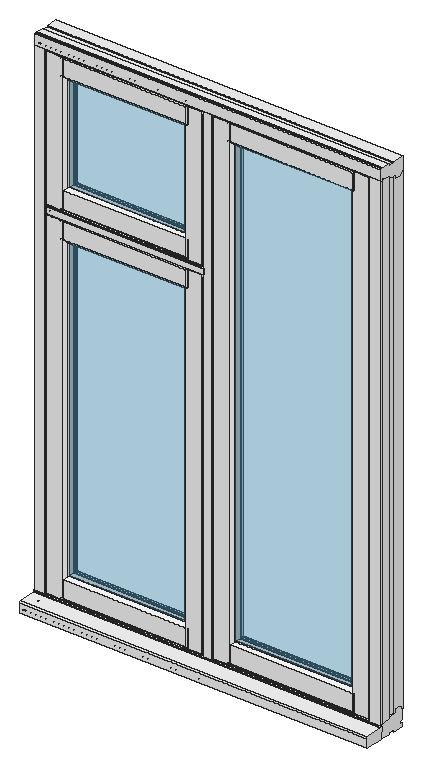
Revit family "C21L", category Generic Models, Revit 2012
Parameters (values of type "Window Sill drawing")
  Width = 1200 mm
  Height = 1770 mm
  GlazingPanelMaterial = Glass
  Floor Material = White
Types (3, lengths in mm): name | Width | Height | GlazingPanelMaterial | Floor Material
  Window Sill drawing | 1200 | 1770 | Glass | White
  Access Manager | 1250 | 1250 | none | none
  window family | 1200 | 1770 | Glass | 1.12A ANCHOR FIXING
Reference planes
  plane 1 "Center (Front/Back)": y = 0
  plane 2: z = 0
  plane 3 "Center (Left/Right)": x = 0
  plane 4: z = 33
  plane 5: x = -714
  plane 6: x = -750
  plane 7: x = -718
  plane 8: x = 450
  plane 9: y = 67
  plane 10: y = -67
  plane 11: z = 1770
  plane 12: z = 1734
  plane 13: z = 1722
  plane 14: z = 578
  plane 15: z = 622
  plane 16: z = 117
  plane 17: x = -150
  plane 18: z = 530.5
  plane 19: z = 540.5
  plane 20: x = 414
  plane 21: x = 402
  plane 22: z = 60
  plane 23: y = 16.985
  plane 24: z = 1730
  plane 25: z = 1255.81
Forms (mm)
  Extrusion 1, solid, not visible
    sketch origin (0, 0, 9.375) x (0, 1, 0) y (0, 0, 1)
      loop
        line (94.662, 311.911) -> (94.314, 312.868) -> (95.314, 312.868) -> (93.454, 317.977) -> (86.115, 317.977) -> (85.011, 317.575) -> (64.143, 317.575) -> (64.143, 311.911) -> (94.662, 311.911)
    from 0 to 250
  Extrusion 2, solid, not visible
    sketch origin (0, 0, 9.375) x (0, 1, 0) y (0, 0, 1)
      loop
        line (93.688, 317.334) -> (85.92, 317.334) -> (87.101, 312.926) -> (95.293, 312.926) -> (93.688, 317.334)
      loop
        line (91.853, 322.376) -> (91.853, 328.194)
        arc (91.853, 328.194) -> (91.424, 329.231) -> (90.388, 329.66) r 1.465
        line (90.388, 329.66) -> (71.853, 329.66) -> (71.853, 322.376) -> (91.853, 322.376)
      loop
        line (73.373, 320.598) -> (64.143, 320.598) -> (64.143, 317.575) -> (73.373, 317.575) -> (73.373, 320.598)
      loop
        line (61.169, 311.884) -> (61.169, 316.884) -> (56.169, 316.884)
        arc (56.169, 316.884) -> (53.926, 317.813) -> (52.996, 320.057) r 3.173
        line (52.996, 320.057) -> (52.996, 327.594)
        arc (52.996, 327.594) -> (53.247, 329.284) -> (54.656, 330.25) r 2.138
        line (54.656, 330.25) -> (56.493, 330.25)
        arc (56.493, 330.25) -> (57.939, 329.727) -> (58.925, 328.548) r 2.95
        line (58.925, 328.548) -> (59.306, 324.922) -> (61.24, 324.922) -> (60.612, 330.901)
        arc (60.612, 330.901) -> (59.723, 332.646) -> (57.894, 333.348) r 2.733
        line (57.894, 333.348) -> (52.423, 333.348)
        arc (52.423, 333.348) -> (50.164, 330.795) -> (49.999, 327.391) r 5.139
        line (49.999, 327.391) -> (47.957, 316.884)
        arc (47.957, 316.884) -> (49.179, 314.507) -> (49.698, 311.884) r 9.583
        line (49.698, 311.884) -> (61.169, 311.884)
    from 0 to 250
  Extrusion 3, solid, not visible
    sketch origin (-848.022, -244.537, 0) x (1, 0, 0) y (0, 1, 0)
      loop
        line (-156.504, 643.402) -> (-146.504, 653.402) -> (-146.504, 655.402) -> (-162.504, 655.402) -> (-162.504, 703.402) -> (-199.504, 703.402)
        arc (-199.504, 703.402) -> (-201.625, 702.524) -> (-202.504, 700.402) r 3
        line (-202.504, 700.402) -> (-202.504, 695.402) -> (-196.504, 695.402) -> (-196.504, 692.402) -> (-202.504, 692.402) -> (-202.504, 679.402) -> (-196.504, 679.402) -> (-196.504, 667.402) -> (-202.504, 667.402) -> (-202.504, 646.402)
        arc (-202.504, 646.402) -> (-201.625, 644.281) -> (-199.504, 643.402) r 3
        line (-199.504, 643.402) -> (-156.504, 643.402)
    from 672 to 1294
  Extrusion 4, solid, not visible
    sketch origin (-848.022, -244.537, 0) x (1, 0, 0) y (0, 1, 0)
      loop
        line (-162.504, 700.402) -> (-162.504, 681.402) -> (-150.504, 681.402) -> (-150.504, 684.402) -> (-146.504, 685.402) -> (-146.504, 689.402) -> (-149.504, 689.402)
        arc (-149.504, 689.402) -> (-151.847, 695.059) -> (-157.504, 697.402) r 8
        line (-157.504, 697.402) -> (-157.504, 700.402) -> (-162.504, 700.402)
    from 672 to 1294
  Extrusion 5, solid, not visible
    sketch origin (-511.418, -643.152, -230) x (1, 0, 0) y (0, 1, 0)
      loop
        line (-200.504, 641.902) -> (-200.504, 638.902) -> (-198.254, 638.902) -> (-198.254, 634.902) -> (-195.818, 634.902) -> (-195.818, 638.902) -> (-193.504, 638.902) -> (-193.504, 641.902) -> (-195.282, 641.902) -> (-195.282, 641.116) -> (-194.482, 641.116) -> (-194.482, 639.814) -> (-199.81, 639.814) -> (-199.81, 641.116) -> (-199.01, 641.116) -> (-199.01, 641.902) -> (-200.504, 641.902)
    from 230 to 852
  Extrusion 6, solid, not visible
    sketch origin (-511.418, -643.152, -140) x (1, 0, 0) y (0, 1, 0)
      loop
        line (-194.482, 639.814) -> (-194.482, 641.116) -> (-199.81, 641.116) -> (-199.81, 639.814) -> (-194.482, 639.814)
    from 140 to 762
  Extrusion 7, solid, not visible
    sketch origin (-511.418, -643.152, 0) x (1, 0, 0) y (0, 1, 0)
      loop
        spline (-199.847, 645.779) -> (-199.478, 645.505) -> (-199.241, 645.183) -> (-199.108, 644.823) -> (-199.048, 644.431) -> (-199.033, 644.016) -> (-199.035, 643.585) -> (-199.023, 643.147) -> (-198.97, 642.709) -> (-198.847, 642.279) -> (-198.624, 641.865) -> (-198.272, 641.475) -> (-197.764, 641.116)
        line (-197.764, 641.116) -> (-196.529, 641.116)
        spline (-196.529, 641.116) -> (-195.991, 641.457) -> (-195.612, 641.839) -> (-195.363, 642.251) -> (-195.215, 642.684) -> (-195.139, 643.129) -> (-195.106, 643.577) -> (-195.086, 644.017) -> (-195.05, 644.441) -> (-194.969, 644.838) -> (-194.814, 645.2) -> (-194.556, 645.517) -> (-194.166, 645.779)
        line (-194.166, 645.779) -> (-199.847, 645.779)
    from 0 to 622
  Extrusion 8, solid, material "White" <- "Floor Material"
    sketch origin (0, -3440.583, -3.128) x (0, 1, 0) y (0, 0, 1)
      loop
        line (3451.083, 1725.128) -> (3435.083, 1725.128)
        arc (3435.083, 1725.128) -> (3433.669, 1724.542) -> (3433.083, 1723.128) r 2
        line (3433.083, 1723.128) -> (3415.083, 1723.128)
        arc (3415.083, 1723.128) -> (3414.498, 1724.542) -> (3413.083, 1725.128) r 2
        line (3413.083, 1725.128) -> (3402.083, 1725.128) -> (3402.083, 1730.128)
        arc (3402.083, 1730.128) -> (3401.205, 1732.249) -> (3399.083, 1733.128) r 3
        line (3399.083, 1733.128) -> (3397.083, 1733.128)
        arc (3397.083, 1733.128) -> (3394.962, 1732.249) -> (3394.083, 1730.128) r 3
        line (3394.083, 1730.128) -> (3394.083, 1675.128) -> (3404.083, 1665.128) -> (3406.083, 1665.128) -> (3406.083, 1681.128) -> (3454.083, 1681.128) -> (3454.083, 1722.128)
        arc (3454.083, 1722.128) -> (3453.205, 1724.249) -> (3451.083, 1725.128) r 3
    from -657.987 to -219.773
  Sweep 9, solid, material "White" <- "Floor Material"
    path origin (16.12, -8, -4.107) x (1, 0, 0) y (0, 0, 1)
      loop
        line (-674, 1682) -> (-674, 1312.227) -> (-236, 1312.227) -> (-236, 1682) -> (-674, 1682)
    profile origin (-438.88, -8, 1677.893) x (0, 0, 1) y (0, -1, 0)
      loop
        line (-4.893, -19) -> (0.107, -19) -> (0.107, 0) -> (-11.893, 0) -> (-11.893, -3) -> (-15.893, -4) -> (-15.893, -8) -> (-12.893, -8)
        arc (-12.893, -8) -> (-10.55, -13.657) -> (-4.893, -16) r 8
        line (-4.893, -16) -> (-4.893, -19)
  Extrusion 10, solid, material "Glass"
    sketch origin (2388.494, -1584.07, 0) x (1, 0, 0) y (0, 1, 0)
      loop
        line (-3042.481, 1575.085) -> (-3042.481, 1571.085) -> (-2620.267, 1571.085) -> (-2620.267, 1575.085) -> (-3042.481, 1575.085)
      loop
        line (-3042.481, 1555.085) -> (-3042.481, 1551.085) -> (-2620.267, 1551.085) -> (-2620.267, 1555.085) -> (-3042.481, 1555.085)
    from 1316.369 to 1672
  Sweep 11, solid
    path origin (16.013, -20.977, -4) x (1, 0, 0) y (0, 0, 1)
      loop
        line (-670, 1678) -> (-670, 1316.013) -> (-239.786, 1316.013) -> (-239.786, 1678) -> (-670, 1678)
    profile origin (-438.88, -20.977, 1674) x (0, 0, 1) y (0, -1, 0)
      loop
        line (0, -8) -> (0, 8) -> (-10, 8) -> (-10, -8) -> (0, -8)
  Extrusion 12, solid, material "White" <- "Floor Material"
    sketch origin (0, -3500.599, -3.128) x (0, 1, 0) y (0, 0, 1)
      loop
        line (3457.583, 41.128) -> (3452.583, 41.128) -> (3395.213, 37.105)
        arc (3395.213, 37.105) -> (3393.335, 36.114) -> (3392.583, 34.128) r 3
        line (3392.583, 34.128) -> (3392.583, 3.128) -> (3397.583, 3.128) -> (3397.583, 5.128)
        arc (3397.583, 5.128) -> (3400.583, 8.128) -> (3403.583, 5.128) r 3
        line (3403.583, 5.128) -> (3403.583, 3.128) -> (3452.583, 3.128) -> (3452.583, 26.128) -> (3457.583, 26.128) -> (3457.583, 41.128)
    from -750 to 450
  Extrusion 13, solid, material "White" <- "Floor Material"
    sketch origin (0, -3500.599, -3.128) x (0, 1, 0) y (0, 0, 1)
      loop
        line (3546.583, 58.128) -> (3543.583, 58.128)
        arc (3543.583, 58.128) -> (3540.655, 65.199) -> (3533.583, 68.128) r 10
        line (3533.583, 68.128) -> (3533.583, 71.128) -> (3517.583, 71.128) -> (3517.583, 63.128) -> (3523.583, 63.128) -> (3523.583, 60.128) -> (3517.583, 60.128) -> (3517.583, 59.128) -> (3494.583, 56.128) -> (3494.583, 51.128) -> (3454.583, 46.128)
        arc (3454.583, 46.128) -> (3453.169, 45.542) -> (3452.583, 44.128) r 2
        line (3452.583, 44.128) -> (3452.583, 41.128) -> (3457.583, 41.128) -> (3457.583, 26.128) -> (3452.583, 26.128) -> (3452.583, 3.128) -> (3457.583, 3.128) -> (3457.583, 5.128)
        arc (3457.583, 5.128) -> (3460.583, 8.128) -> (3463.583, 5.128) r 3
        line (3463.583, 5.128) -> (3463.583, 3.128) -> (3489.583, 3.128) -> (3489.583, 8.128) -> (3509.583, 8.128) -> (3509.583, 3.128) -> (3546.583, 3.128) -> (3546.583, 13.128) -> (3536.583, 13.128) -> (3536.583, 23.128) -> (3546.583, 23.128) -> (3546.583, 58.128)
    from -750 to 450
  Sweep 14, solid, material "White" <- "Floor Material"
    path origin (0, 0, 0) x (1, 0, 0) y (0, 0, 1)
      loop
        line (-750, 1770) -> (450, 1770)
    profile origin (-150, 0, 1770) x (0, 0, 1) y (0, -1, 0)
      loop
        line (0, -10) -> (-5, -10) -> (-5, 10) -> (0, 10) -> (0, 36) -> (-2, 36)
        arc (-2, 36) -> (-5, 39) -> (-2, 42) r 3
        line (-2, 42) -> (0, 42) -> (0, 47) -> (-36, 47) -> (-36, 43)
        arc (-36, 43) -> (-34.834, 41.499) -> (-33, 41) r 3
        line (-33, 41) -> (-33, 34.079)
        arc (-33, 34.079) -> (-34.922, 33.441) -> (-36, 31.727) r 3
        line (-36, 31.727) -> (-36, 7) -> (-44, 7) -> (-44, -1) -> (-36, -1) -> (-36, -4) -> (-44, -4) -> (-44, -14) -> (-36, -14) -> (-36, -18) -> (-56, -18) -> (-56, -34) -> (-53, -34)
        arc (-53, -34) -> (-50.071, -41.071) -> (-43, -44) r 10
        line (-43, -44) -> (-43, -47) -> (0, -47) -> (0, -10)
  Extrusion 15, solid, material "White" <- "Floor Material"
    sketch origin (753.141, -3440.699, 1654.007) x (0, 1, 0) y (-1, 0, 0)
      loop
        line (3451.083, 1455.128) -> (3435.083, 1455.128)
        arc (3435.083, 1455.128) -> (3433.669, 1454.542) -> (3433.083, 1453.128) r 2
        line (3433.083, 1453.128) -> (3415.083, 1453.128)
        arc (3415.083, 1453.128) -> (3414.498, 1454.542) -> (3413.083, 1455.128) r 2
        line (3413.083, 1455.128) -> (3402.083, 1455.128) -> (3402.083, 1460.128)
        arc (3402.083, 1460.128) -> (3401.205, 1462.249) -> (3399.083, 1463.128) r 3
        line (3399.083, 1463.128) -> (3397.083, 1463.128)
        arc (3397.083, 1463.128) -> (3394.962, 1462.249) -> (3394.083, 1460.128) r 3
        line (3394.083, 1460.128) -> (3394.083, 1405.128) -> (3404.083, 1395.128) -> (3406.083, 1395.128) -> (3406.083, 1411.128) -> (3454.083, 1411.128) -> (3454.083, 1452.128)
        arc (3454.083, 1452.128) -> (3453.205, 1454.249) -> (3451.083, 1455.128) r 3
    from -398.197 to 75.993
  Extrusion 16, solid, material "White" <- "Floor Material"
    sketch origin (-1630.9, -3440.699, 1654.007) x (0, 1, 0) y (-1, 0, 0)
      loop
        arc (3451.083, -1455.128) -> (3453.205, -1454.249) -> (3454.083, -1452.128) r 3
        line (3454.083, -1452.128) -> (3454.083, -1411.128) -> (3406.083, -1411.128) -> (3406.083, -1395.128) -> (3404.083, -1395.128) -> (3394.083, -1405.128) -> (3394.083, -1460.128)
        arc (3394.083, -1460.128) -> (3394.962, -1462.249) -> (3397.083, -1463.128) r 3
        line (3397.083, -1463.128) -> (3399.083, -1463.128)
        arc (3399.083, -1463.128) -> (3401.205, -1462.249) -> (3402.083, -1460.128) r 3
        line (3402.083, -1460.128) -> (3402.083, -1455.128) -> (3413.083, -1455.128)
        arc (3413.083, -1455.128) -> (3414.498, -1454.542) -> (3415.083, -1453.128) r 2
        line (3415.083, -1453.128) -> (3433.083, -1453.128)
        arc (3433.083, -1453.128) -> (3433.669, -1454.542) -> (3435.083, -1455.128) r 2
        line (3435.083, -1455.128) -> (3451.083, -1455.128)
    from -398.197 to 75.993
  Extrusion 17, solid, material "White" <- "Floor Material"
    sketch origin (0, -3440.583, 2722.931) x (0, 1, 0) y (0, 0, 1)
      loop
        arc (3451.083, -1455.128) -> (3453.205, -1454.249) -> (3454.083, -1452.128) r 3
        line (3454.083, -1452.128) -> (3454.083, -1411.128) -> (3406.083, -1411.128) -> (3406.083, -1395.128) -> (3404.083, -1395.128) -> (3394.083, -1405.128) -> (3394.083, -1464.121)
        arc (3394.083, -1464.121) -> (3394.962, -1466.243) -> (3397.083, -1467.121) r 3
        line (3397.083, -1467.121) -> (3399.083, -1467.121)
        arc (3399.083, -1467.121) -> (3401.205, -1466.243) -> (3402.083, -1464.121) r 3
        line (3402.083, -1464.121) -> (3402.083, -1455.128) -> (3413.083, -1455.128)
        arc (3413.083, -1455.128) -> (3414.498, -1454.542) -> (3415.083, -1453.128) r 2
        line (3415.083, -1453.128) -> (3433.083, -1453.128)
        arc (3433.083, -1453.128) -> (3433.669, -1454.542) -> (3435.083, -1455.128) r 2
        line (3435.083, -1455.128) -> (3451.083, -1455.128)
    from -657.987 to -219.773
  Extrusion 18, solid, material "White" <- "Floor Material"
    sketch origin (-1585.9, -3440.699, 1654.007) x (0, 1, 0) y (-1, 0, 0)
      loop
        line (3397.083, -1422.128) -> (3393.083, -1422.128) -> (3393.083, -1450.128) -> (3397.083, -1450.128)
        arc (3397.083, -1450.128) -> (3398.498, -1449.542) -> (3399.083, -1448.128) r 2
        line (3399.083, -1448.128) -> (3399.083, -1447.128) -> (3406.083, -1447.128) -> (3406.083, -1448.128)
        arc (3406.083, -1448.128) -> (3406.669, -1449.542) -> (3408.083, -1450.128) r 2
        line (3408.083, -1450.128) -> (3433.083, -1450.128) -> (3433.083, -1456.128) -> (3441.083, -1456.128) -> (3441.083, -1450.128) -> (3444.083, -1450.128) -> (3444.083, -1458.128) -> (3454.083, -1458.128) -> (3454.083, -1450.128) -> (3458.083, -1450.128) -> (3458.083, -1470.128) -> (3474.083, -1470.128) -> (3474.083, -1467.128)
        arc (3474.083, -1467.128) -> (3481.155, -1464.199) -> (3484.083, -1457.128) r 10
        line (3484.083, -1457.128) -> (3487.083, -1457.128) -> (3487.083, -1415.128) -> (3484.083, -1415.128)
        arc (3484.083, -1415.128) -> (3481.155, -1408.057) -> (3474.083, -1405.128) r 10
        line (3474.083, -1405.128) -> (3474.083, -1402.128) -> (3458.083, -1402.128) -> (3458.083, -1422.128) -> (3454.083, -1422.128) -> (3454.083, -1414.128) -> (3444.083, -1414.128) -> (3444.083, -1422.128) -> (3441.083, -1422.128) -> (3441.083, -1416.128) -> (3433.083, -1416.128) -> (3433.083, -1422.128) -> (3408.083, -1422.128)
        arc (3408.083, -1422.128) -> (3406.669, -1422.714) -> (3406.083, -1424.128) r 2
        line (3406.083, -1424.128) -> (3406.083, -1425.128) -> (3399.083, -1425.128) -> (3399.083, -1424.128)
        arc (3399.083, -1424.128) -> (3398.498, -1422.714) -> (3397.083, -1422.128) r 2
    from -1611.007 to 79.993
  Extrusion 19, solid, material "White" <- "Floor Material"
    sketch origin (-300, -3440.583, -3.128) x (0, 1, 0) y (0, 0, -1)
      loop
        arc (3451.083, -1725.128) -> (3453.205, -1724.249) -> (3454.083, -1722.128) r 3
        line (3454.083, -1722.128) -> (3454.083, -1681.128) -> (3406.083, -1681.128) -> (3406.083, -1665.128) -> (3404.083, -1665.128) -> (3394.083, -1675.128) -> (3394.083, -1730.128)
        arc (3394.083, -1730.128) -> (3394.962, -1732.249) -> (3397.083, -1733.128) r 3
        line (3397.083, -1733.128) -> (3399.083, -1733.128)
        arc (3399.083, -1733.128) -> (3401.205, -1732.249) -> (3402.083, -1730.128) r 3
        line (3402.083, -1730.128) -> (3402.083, -1725.128) -> (3413.083, -1725.128)
        arc (3413.083, -1725.128) -> (3414.498, -1724.542) -> (3415.083, -1723.128) r 2
        line (3415.083, -1723.128) -> (3433.083, -1723.128)
        arc (3433.083, -1723.128) -> (3433.669, -1724.542) -> (3435.083, -1725.128) r 2
        line (3435.083, -1725.128) -> (3451.083, -1725.128)
    from -657.987 to -219.773
  Sweep 20, solid, material "White" <- "Floor Material"
    path origin (-316.12, -8, -4.107) x (-1, 0, 0) y (0, 0, -1)
      loop
        line (-674, -1682) -> (-236, -1682) -> (-236, -108.158) -> (-674, -108.158) -> (-674, -1682)
    profile origin (138.88, -8, 1677.893) x (0, 0, -1) y (0, -1, 0)
      loop
        line (4.893, -19) -> (4.893, -16)
        arc (4.893, -16) -> (10.55, -13.657) -> (12.893, -8) r 8
        line (12.893, -8) -> (15.893, -8) -> (15.893, -4) -> (11.893, -3) -> (11.893, 0) -> (-0.107, 0) -> (-0.107, -19) -> (4.893, -19)
  Extrusion 21, solid, material "White" <- "Floor Material"
    sketch origin (-1053.141, -3440.699, 1654.007) x (0, 1, 0) y (-1, 0, 0)
      loop
        arc (3451.083, -1455.128) -> (3453.205, -1454.249) -> (3454.083, -1452.128) r 3
        line (3454.083, -1452.128) -> (3454.083, -1411.128) -> (3406.083, -1411.128) -> (3406.083, -1395.128) -> (3404.083, -1395.128) -> (3394.083, -1405.128) -> (3394.083, -1460.128)
        arc (3394.083, -1460.128) -> (3394.962, -1462.249) -> (3397.083, -1463.128) r 3
        line (3397.083, -1463.128) -> (3399.083, -1463.128)
        arc (3399.083, -1463.128) -> (3401.205, -1462.249) -> (3402.083, -1460.128) r 3
        line (3402.083, -1460.128) -> (3402.083, -1455.128) -> (3413.083, -1455.128)
        arc (3413.083, -1455.128) -> (3414.498, -1454.542) -> (3415.083, -1453.128) r 2
        line (3415.083, -1453.128) -> (3433.083, -1453.128)
        arc (3433.083, -1453.128) -> (3433.669, -1454.542) -> (3435.083, -1455.128) r 2
        line (3435.083, -1455.128) -> (3451.083, -1455.128)
    from -1606.007 to 75.993
  Extrusion 22, solid, material "White" <- "Floor Material"
    sketch origin (1330.9, -3440.699, 1654.007) x (0, 1, 0) y (-1, 0, 0)
      loop
        line (3451.083, 1455.128) -> (3435.083, 1455.128)
        arc (3435.083, 1455.128) -> (3433.669, 1454.542) -> (3433.083, 1453.128) r 2
        line (3433.083, 1453.128) -> (3415.083, 1453.128)
        arc (3415.083, 1453.128) -> (3414.498, 1454.542) -> (3413.083, 1455.128) r 2
        line (3413.083, 1455.128) -> (3402.083, 1455.128) -> (3402.083, 1460.128)
        arc (3402.083, 1460.128) -> (3401.205, 1462.249) -> (3399.083, 1463.128) r 3
        line (3399.083, 1463.128) -> (3397.083, 1463.128)
        arc (3397.083, 1463.128) -> (3394.962, 1462.249) -> (3394.083, 1460.128) r 3
        line (3394.083, 1460.128) -> (3394.083, 1405.128) -> (3404.083, 1395.128) -> (3406.083, 1395.128) -> (3406.083, 1411.128) -> (3454.083, 1411.128) -> (3454.083, 1452.128)
        arc (3454.083, 1452.128) -> (3453.205, 1454.249) -> (3451.083, 1455.128) r 3
    from -1606.007 to 75.993
  Extrusion 23, solid, material "White" <- "Floor Material"
    sketch origin (-300, -3440.583, 1515.078) x (0, 1, 0) y (0, 0, -1)
      loop
        line (3451.083, 1455.128) -> (3435.083, 1455.128)
        arc (3435.083, 1455.128) -> (3433.669, 1454.542) -> (3433.083, 1453.128) r 2
        line (3433.083, 1453.128) -> (3415.083, 1453.128)
        arc (3415.083, 1453.128) -> (3414.498, 1454.542) -> (3413.083, 1455.128) r 2
        line (3413.083, 1455.128) -> (3402.083, 1455.128) -> (3402.083, 1464.078)
        arc (3402.083, 1464.078) -> (3401.205, 1466.2) -> (3399.083, 1467.078) r 3
        line (3399.083, 1467.078) -> (3397.083, 1467.078)
        arc (3397.083, 1467.078) -> (3394.962, 1466.2) -> (3394.083, 1464.078) r 3
        line (3394.083, 1464.078) -> (3394.083, 1405.128) -> (3404.083, 1395.128) -> (3406.083, 1395.128) -> (3406.083, 1411.128) -> (3454.083, 1411.128) -> (3454.083, 1452.128)
        arc (3454.083, 1452.128) -> (3453.205, 1454.249) -> (3451.083, 1455.128) r 3
    from -657.987 to -219.773
  Extrusion 24, solid, material "White" <- "Floor Material"
    sketch origin (0, -3440.583, 1515.128) x (0, 1, 0) y (0, 0, 1)
      loop
        arc (3451.083, -1455.128) -> (3453.205, -1454.249) -> (3454.083, -1452.128) r 3
        line (3454.083, -1452.128) -> (3454.083, -1411.128) -> (3406.083, -1411.128) -> (3406.083, -1395.128) -> (3404.083, -1395.128) -> (3394.083, -1405.128) -> (3394.083, -1464.128)
        arc (3394.083, -1464.128) -> (3394.962, -1466.249) -> (3397.083, -1467.128) r 3
        line (3397.083, -1467.128) -> (3399.083, -1467.128)
        arc (3399.083, -1467.128) -> (3401.205, -1466.249) -> (3402.083, -1464.128) r 3
        line (3402.083, -1464.128) -> (3402.083, -1455.128) -> (3413.083, -1455.128)
        arc (3413.083, -1455.128) -> (3414.498, -1454.542) -> (3415.083, -1453.128) r 2
        line (3415.083, -1453.128) -> (3433.083, -1453.128)
        arc (3433.083, -1453.128) -> (3433.669, -1454.542) -> (3435.083, -1455.128) r 2
        line (3435.083, -1455.128) -> (3451.083, -1455.128)
    from -657.987 to -219.773
  Extrusion 25, solid, material "White" <- "Floor Material"
    sketch origin (-2129.889, -3440.699, -194.324) x (0, 1, 0) y (0, 0, -1)
      loop
        line (3397.083, -1421.91) -> (3393.083, -1421.91) -> (3393.083, -1441.91) -> (3393.083, -1442.91)
        arc (3393.083, -1442.91) -> (3393.669, -1444.325) -> (3395.083, -1444.91) r 2
        line (3395.083, -1444.91) -> (3435.083, -1450.128) -> (3435.083, -1455.128) -> (3458.083, -1458.128) -> (3458.083, -1459.128) -> (3464.083, -1459.128) -> (3464.083, -1462.128) -> (3458.083, -1462.128) -> (3458.083, -1470.128) -> (3474.083, -1470.128) -> (3474.083, -1467.128)
        arc (3474.083, -1467.128) -> (3481.155, -1464.199) -> (3484.083, -1457.128) r 10
        line (3484.083, -1457.128) -> (3487.083, -1457.128) -> (3487.083, -1415.128) -> (3484.083, -1415.128)
        arc (3484.083, -1415.128) -> (3481.155, -1408.057) -> (3474.083, -1405.128) r 10
        line (3474.083, -1405.128) -> (3474.083, -1402.128) -> (3458.083, -1402.128) -> (3458.083, -1422.128) -> (3454.083, -1422.128) -> (3454.083, -1413.91) -> (3444.083, -1413.91) -> (3444.083, -1421.91) -> (3441.083, -1421.91) -> (3441.083, -1415.91) -> (3433.083, -1415.91) -> (3433.083, -1421.91) -> (3408.083, -1421.91)
        arc (3408.083, -1421.91) -> (3406.669, -1422.496) -> (3406.083, -1423.91) r 2
        line (3406.083, -1423.91) -> (3406.083, -1424.91) -> (3399.083, -1424.91) -> (3399.083, -1423.91)
        arc (3399.083, -1423.91) -> (3398.498, -1422.496) -> (3397.083, -1421.91) r 2
    from -1966.116 to -1415.889
  Extrusion 26, solid, material "White" <- "Floor Material"
    sketch origin (0, -3440.583, -239.324) x (0, 1, 0) y (0, 0, 1)
      loop
        line (3451.083, 1455.128) -> (3435.083, 1455.128)
        arc (3435.083, 1455.128) -> (3433.669, 1454.542) -> (3433.083, 1453.128) r 2
        line (3433.083, 1453.128) -> (3415.083, 1453.128)
        arc (3415.083, 1453.128) -> (3414.498, 1454.542) -> (3413.083, 1455.128) r 2
        line (3413.083, 1455.128) -> (3402.083, 1455.128) -> (3402.083, 1460.128)
        arc (3402.083, 1460.128) -> (3401.205, 1462.249) -> (3399.083, 1463.128) r 3
        line (3399.083, 1463.128) -> (3397.083, 1463.128)
        arc (3397.083, 1463.128) -> (3394.962, 1462.249) -> (3394.083, 1460.128) r 3
        line (3394.083, 1460.128) -> (3394.083, 1405.128) -> (3404.083, 1395.128) -> (3406.083, 1395.128) -> (3406.083, 1411.128) -> (3454.083, 1411.128) -> (3454.083, 1452.128)
        arc (3454.083, 1452.128) -> (3453.205, 1454.249) -> (3451.083, 1455.128) r 3
    from -657.987 to -219.773
  Sweep 27, solid, material "White" <- "Floor Material"
    path origin (16.12, -8, -514.094) x (1, 0, 0) y (0, 0, 1)
      loop
        line (-674, 1685.809) -> (-674, 618.194) -> (-236, 618.194) -> (-236, 1685.809) -> (-674, 1685.809)
    profile origin (-438.88, -8, 1171.715) x (0, 0, 1) y (0, -1, 0)
      loop
        line (-4.893, -19) -> (0.107, -19) -> (0.107, 0) -> (-11.893, 0) -> (-11.893, -3) -> (-15.893, -4) -> (-15.893, -8) -> (-12.893, -8)
        arc (-12.893, -8) -> (-10.55, -13.657) -> (-4.893, -16) r 8
        line (-4.893, -16) -> (-4.893, -19)
  Extrusion 28, solid, material "White" <- "Floor Material"
    sketch origin (753.141, -3440.699, 1144.02) x (0, 1, 0) y (-1, 0, 0)
      loop
        line (3451.083, 1455.128) -> (3435.083, 1455.128)
        arc (3435.083, 1455.128) -> (3433.669, 1454.542) -> (3433.083, 1453.128) r 2
        line (3433.083, 1453.128) -> (3415.083, 1453.128)
        arc (3415.083, 1453.128) -> (3414.498, 1454.542) -> (3413.083, 1455.128) r 2
        line (3413.083, 1455.128) -> (3402.083, 1455.128) -> (3402.083, 1460.128)
        arc (3402.083, 1460.128) -> (3401.205, 1462.249) -> (3399.083, 1463.128) r 3
        line (3399.083, 1463.128) -> (3397.083, 1463.128)
        arc (3397.083, 1463.128) -> (3394.962, 1462.249) -> (3394.083, 1460.128) r 3
        line (3394.083, 1460.128) -> (3394.083, 1405.128) -> (3404.083, 1395.128) -> (3406.083, 1395.128) -> (3406.083, 1411.128) -> (3454.083, 1411.128) -> (3454.083, 1452.128)
        arc (3454.083, 1452.128) -> (3453.205, 1454.249) -> (3451.083, 1455.128) r 3
    from -1096.02 to 79.784
  Extrusion 29, solid, material "White" <- "Floor Material"
    sketch origin (-1630.9, -3440.699, 1144.02) x (0, 1, 0) y (-1, 0, 0)
      loop
        arc (3451.083, -1455.128) -> (3453.205, -1454.249) -> (3454.083, -1452.128) r 3
        line (3454.083, -1452.128) -> (3454.083, -1411.128) -> (3406.083, -1411.128) -> (3406.083, -1395.128) -> (3404.083, -1395.128) -> (3394.083, -1405.128) -> (3394.083, -1460.128)
        arc (3394.083, -1460.128) -> (3394.962, -1462.249) -> (3397.083, -1463.128) r 3
        line (3397.083, -1463.128) -> (3399.083, -1463.128)
        arc (3399.083, -1463.128) -> (3401.205, -1462.249) -> (3402.083, -1460.128) r 3
        line (3402.083, -1460.128) -> (3402.083, -1455.128) -> (3413.083, -1455.128)
        arc (3413.083, -1455.128) -> (3414.498, -1454.542) -> (3415.083, -1453.128) r 2
        line (3415.083, -1453.128) -> (3433.083, -1453.128)
        arc (3433.083, -1453.128) -> (3433.669, -1454.542) -> (3435.083, -1455.128) r 2
        line (3435.083, -1455.128) -> (3451.083, -1455.128)
    from -1096.02 to 79.784
  Extrusion 30, solid, material "Glass"
    sketch origin (2388.494, -1584.07, -509.987) x (1, 0, 0) y (0, 1, 0)
      loop
        line (-3042.481, 1575.085) -> (-3042.481, 1571.085) -> (-2620.267, 1571.085) -> (-2620.267, 1575.085) -> (-3042.481, 1575.085)
      loop
        line (-3042.481, 1555.085) -> (-3042.481, 1551.085) -> (-2620.267, 1551.085) -> (-2620.267, 1555.085) -> (-3042.481, 1555.085)
    from 617.987 to 1675.79
  Sweep 31, solid
    path origin (16.013, -20.977, -513.987) x (1, 0, 0) y (0, 0, 1)
      loop
        line (-670, 1681.658) -> (-670, 621.987) -> (-239.786, 621.987) -> (-239.786, 1681.658) -> (-670, 1681.658)
    profile origin (-438.88, -20.977, 1167.671) x (0, 0, 1) y (0, -1, 0)
      loop
        line (0, -8) -> (0, 8) -> (-10, 8) -> (-10, -8) -> (0, -8)
  Sweep 32, solid, material "White" <- "Floor Material"
    path origin (593.813, -8, -514.094) x (1, 0, 0) y (0, 0, 1)
      loop
        line (-674, 2191.994) -> (-674, 618.194) -> (-236, 618.194) -> (-236, 2191.994) -> (-674, 2191.994)
    profile origin (138.813, -8, 1677.9) x (0, 0, 1) y (0, -1, 0)
      loop
        line (-4.893, -19) -> (0.107, -19) -> (0.107, 0) -> (-11.893, 0) -> (-11.893, -3) -> (-15.893, -4) -> (-15.893, -8) -> (-12.893, -8)
        arc (-12.893, -8) -> (-10.55, -13.657) -> (-4.893, -16) r 8
        line (-4.893, -16) -> (-4.893, -19)
  Extrusion 33, solid, material "Glass"
    sketch origin (2966.187, -1584.07, -509.987) x (1, 0, 0) y (0, 1, 0)
      loop
        line (-3042.481, 1575.085) -> (-3042.481, 1571.085) -> (-2612.267, 1571.085) -> (-2612.267, 1575.085) -> (-3042.481, 1575.085)
      loop
        line (-3042.481, 1555.085) -> (-3042.481, 1551.085) -> (-2612.267, 1551.085) -> (-2612.267, 1555.085) -> (-3042.481, 1555.085)
    from 617.987 to 2181.987
  Sweep 34, solid
    path origin (593.706, -20.977, -513.987) x (1, 0, 0) y (0, 0, 1)
      loop
        line (-670, 2187.987) -> (-670, 621.987) -> (-239.786, 621.987) -> (-239.786, 2187.987) -> (-670, 2187.987)
    profile origin (138.813, -20.977, 1674) x (0, 0, 1) y (0, -1, 0)
      loop
        line (0, -8) -> (0, 8) -> (-10, 8) -> (-10, -8) -> (0, -8)
  Sweep 35, solid, material "White" <- "Floor Material"
    path origin (1020, 0, 984) x (0, 0, -1) y (1, 0, 0)
      loop
        line (-750, -1770) -> (984, -1770)
    profile origin (-750, 0, 867) x (0, -1, 0) y (1, 0, 0)
      loop
        line (-10, 0) -> (-10, 5) -> (10, 5) -> (10, 0) -> (36, 0) -> (36, 2)
        arc (36, 2) -> (39, 5) -> (42, 2) r 3
        line (42, 2) -> (42, 0) -> (47, 0) -> (47, 36) -> (43, 36)
        arc (43, 36) -> (41.499, 34.834) -> (41, 33) r 3
        line (41, 33) -> (34.079, 33)
        arc (34.079, 33) -> (33.441, 34.922) -> (31.727, 36) r 3
        line (31.727, 36) -> (7, 36) -> (7, 44) -> (-1, 44) -> (-1, 36) -> (-4, 36) -> (-4, 44) -> (-14, 44) -> (-14, 36) -> (-18, 36) -> (-18, 56) -> (-34, 56) -> (-34, 53)
        arc (-34, 53) -> (-41.071, 50.071) -> (-44, 43) r 10
        line (-44, 43) -> (-47, 43) -> (-47, 0) -> (-10, 0)
  Sweep 36, solid, material "White" <- "Floor Material"
    path origin (-1320, 0, 984) x (0, 0, -1) y (1, 0, 0)
      loop
        line (-750, 1770) -> (984, 1770)
    profile origin (450, 0, 867) x (0, -1, 0) y (1, 0, 0)
      loop
        line (-10, 0) -> (-47, 0) -> (-47, -43) -> (-44, -43)
        arc (-44, -43) -> (-41.071, -50.071) -> (-34, -53) r 10
        line (-34, -53) -> (-34, -56) -> (-18, -56) -> (-18, -36) -> (-14, -36) -> (-14, -44) -> (-4, -44) -> (-4, -36) -> (-1, -36) -> (-1, -44) -> (7, -44) -> (7, -36) -> (31.727, -36)
        arc (31.727, -36) -> (33.441, -34.922) -> (34.079, -33) r 3
        line (34.079, -33) -> (41, -33)
        arc (41, -33) -> (41.499, -34.834) -> (43, -36) r 3
        line (43, -36) -> (47, -36) -> (47, 0) -> (42, 0) -> (42, -2)
        arc (42, -2) -> (39, -5) -> (36, -2) r 3
        line (36, -2) -> (36, 0) -> (10, 0) -> (10, -5) -> (-10, -5) -> (-10, 0)
  Sweep 37, void
    path origin (0, 0, 0) x (1, 0, 0) y (0, 1, 0)
      loop
        line (-750, -1.015) -> (450, -1.015)
    profile origin (-150, -1.015, 0) x (0, 1, 0) y (0, 0, 1)
      loop
        line (47, 55) -> (44, 55)
        arc (44, 55) -> (41.071, 62.071) -> (34, 65) r 10
        line (34, 65) -> (34, 68) -> (18, 68) -> (18, 60) -> (24, 60) -> (24, 57) -> (18, 57) -> (18, 56) -> (-5, 53) -> (-5, 48) -> (-45, 43)
        arc (-45, 43) -> (-46.414, 42.414) -> (-47, 41) r 2
        line (-47, 41) -> (-47, 38) -> (-79.364, 33.978) -> (-104.37, 30.977) -> (-129.37, 27.977)
        arc (-129.37, 27.977) -> (-131.248, 26.986) -> (-132, 25) r 3
        line (-132, 25) -> (-132, -5) -> (58, -5) -> (58, 55) -> (47, 55)
Cuts and joins
  Sweep 37 cuts Extrusion 18
  Sweep 37 cuts Extrusion 22
  Sweep 37 cuts Extrusion 29
  Sweep 37 cuts Sweep 35
  Sweep 37 cuts Sweep 36
Dimensions and locks
  plane 11 to plane 12 = 36 mm  (x2)
  plane 12 to plane 13 = 12 mm  (x2)
  locked: plane 14 to level at 578
  plane 15 to plane 14 = 44 mm
  plane 16 to level = 117 mm
  "Height": plane 11 to level
  "Width": plane 6 to plane 8
  equal spacing: plane 6, plane 17, plane 8
  plane 6 to plane 8 = 1200 mm
  Extrusion 15 to Extrusion 16 = 526.214 mm
  plane 22 to level = 60 mm
  aligned and locked: level to plane 2
  aligned and locked: plane 13 to Extrusion 8
  aligned and locked: Sweep 14 sketch curve to plane 11
Automatic sketch dimensions
  Extrusion 8 sketch curve to plane 24 = 0 mm
  Extrusion 8 sketch curve to plane 13 = 0 mm  (x2)
  Extrusion 8 sketch curve to plane 24 = 3 mm
  plane 10 to Extrusion 8 sketch curve = 20.5 mm
  Extrusion 8 sketch curve to Extrusion 8 sketch curve = 2 mm  (x2)
  Extrusion 8 sketch curve to Extrusion 8 sketch curve = 3 mm
  Extrusion 8 sketch curve to Extrusion 8 sketch curve = 10 mm  (x2)
  Extrusion 8 sketch curve to plane 13 = 2 mm
  Extrusion 8 sketch curve to Extrusion 8 sketch curve = 11 mm
  plane 1 "Center (Front/Back)" to Extrusion 8 sketch curve = 7.5 mm
  Extrusion 8 sketch curve to plane 13 = 3 mm
  Extrusion 8 sketch curve to plane 23 = 6.485 mm
  Extrusion 8 sketch curve to Extrusion 8 sketch curve = 42 mm
  Extrusion 8 sketch curve to Extrusion 8 sketch curve = 6 mm
  Sweep 9 sketch curve to plane 5 = 56.12 mm
  plane 17 to Sweep 9 sketch curve = 69.88 mm
  plane 25 to Sweep 9 sketch curve = 52.31 mm
  Sweep 9 sketch curve to plane 13 = 44.107 mm
  Sweep 9 sketch curve to profile plane = 0 mm
  Sweep 9 sketch curve to profile plane = 8 mm
  profile plane to Sweep 9 sketch curve = 15.893 mm
  Sweep 9 sketch curve to Sweep 9 sketch curve = 3 mm  (x3)
  Sweep 9 sketch curve to Sweep 9 sketch curve = 4 mm
  profile plane to Sweep 9 sketch curve = 4.893 mm
  Sweep 9 sketch curve to profile plane = 0.107 mm
  Sweep 9 sketch curve to profile plane = 4 mm
  plane 1 "Center (Front/Back)" to Extrusion 10 sketch curve = 8.984 mm
  Extrusion 10 sketch curve to plane 5 = 60.013 mm
  Extrusion 10 sketch curve to Extrusion 10 sketch curve = 0 mm  (x2)
  plane 1 "Center (Front/Back)" to Extrusion 10 sketch curve = 28.984 mm
  plane 17 to Extrusion 10 sketch curve = 81.773 mm
  Extrusion 10 sketch curve to Extrusion 10 sketch curve = 4 mm  (x2)
  Sweep 11 sketch curve to plane 5 = 60.013 mm
  plane 17 to Sweep 11 sketch curve = 73.773 mm
  plane 25 to Sweep 11 sketch curve = 56.203 mm
  Sweep 11 sketch curve to plane 13 = 48 mm
  profile plane to Sweep 11 sketch curve = 0 mm
  profile plane to Sweep 11 sketch curve = 10 mm
  Sweep 11 sketch curve to profile plane = 8 mm
  profile plane to Sweep 11 sketch curve = 8 mm
  Extrusion 13 sketch curve to level = 0 mm  (x3)
  Extrusion 13 sketch curve to plane 23 = 0 mm  (x2)
  Extrusion 13 sketch curve to plane 22 = 0 mm
  Extrusion 13 sketch curve to plane 23 = 8 mm
  plane 1 "Center (Front/Back)" to Extrusion 13 sketch curve = 6.015 mm
  level to Extrusion 13 sketch curve = 5 mm
  plane 1 "Center (Front/Back)" to Extrusion 13 sketch curve = 11.015 mm
  Extrusion 13 sketch curve to Extrusion 13 sketch curve = 26 mm
  Extrusion 13 sketch curve to Extrusion 13 sketch curve = 3 mm  (x5)
  Extrusion 13 sketch curve to plane 4 = 10 mm
  Extrusion 13 sketch curve to Extrusion 13 sketch curve = 0 mm
  Extrusion 13 sketch curve to Extrusion 13 sketch curve = 5 mm  (x2)
  Extrusion 13 sketch curve to Extrusion 13 sketch curve = 2 mm
  Extrusion 13 sketch curve to Extrusion 13 sketch curve = 6 mm
  plane 22 to Extrusion 13 sketch curve = 5 mm
  Extrusion 13 sketch curve to Extrusion 13 sketch curve = 10 mm  (x3)
  plane 23 to Extrusion 13 sketch curve = 19 mm
  Extrusion 13 sketch curve to plane 22 = 5 mm
  level to Extrusion 13 sketch curve = 2 mm
  level to Extrusion 13 sketch curve = 10 mm
  plane 4 to Extrusion 13 sketch curve = 5 mm
  Extrusion 13 sketch curve to plane 22 = 12 mm
  Extrusion 13 sketch curve to Extrusion 13 sketch curve = 4 mm
  plane 22 to Extrusion 13 sketch curve = 8 mm
  plane 6 to Sweep 14 sketch curve = 0 mm
  Sweep 14 sketch curve to plane 8 = 0 mm
  profile plane to Sweep 14 sketch curve = 0 mm  (x3)
  Sweep 14 sketch curve to Sweep 14 sketch curve = 2 mm  (x2)
  Sweep 14 sketch curve to Sweep 14 sketch curve = 5 mm  (x2)
  Sweep 14 sketch curve to Sweep 14 sketch curve = 31 mm
  Sweep 14 sketch curve to Sweep 14 sketch curve = 0.071 mm
  Sweep 14 sketch curve to Sweep 14 sketch curve = 0.17 mm
  profile plane to Sweep 14 sketch curve = 7 mm
  Sweep 14 sketch curve to Sweep 14 sketch curve = 2.929 mm
  Sweep 14 sketch curve to Sweep 14 sketch curve = 2.83 mm
  Sweep 14 sketch curve to profile plane = 1 mm
  Sweep 14 sketch curve to Sweep 14 sketch curve = 0 mm  (x3)
  Sweep 14 sketch curve to Sweep 14 sketch curve = 7 mm
  Sweep 14 sketch curve to Sweep 14 sketch curve = 8 mm
  Sweep 14 sketch curve to Sweep 14 sketch curve = 10 mm  (x2)
  Sweep 14 sketch curve to Sweep 14 sketch curve = 3 mm  (x4)
  Sweep 14 sketch curve to profile plane = 10 mm
  Sweep 14 sketch curve to Sweep 14 sketch curve = 4 mm
  Sweep 14 sketch curve to Sweep 14 sketch curve = 16 mm
  profile plane to Sweep 14 sketch curve = 10 mm
  Sweep 14 sketch curve to Sweep 14 sketch curve = 24.08 mm
  Sweep 14 sketch curve to Sweep 14 sketch curve = 0.647 mm
  Sweep 14 sketch curve to Sweep 14 sketch curve = 26 mm
  Sweep 14 sketch curve to Sweep 14 sketch curve = 6.921 mm
  Extrusion 15 sketch curve to plane 5 = 7.013 mm
  plane 10 to Extrusion 15 sketch curve = 20.384 mm
  Extrusion 15 sketch curve to plane 5 = 4.013 mm
  Extrusion 15 sketch curve to Extrusion 15 sketch curve = 2 mm  (x4)
  Extrusion 15 sketch curve to Extrusion 15 sketch curve = 3 mm  (x2)
  Extrusion 15 sketch curve to Extrusion 15 sketch curve = 10 mm  (x2)
  Extrusion 15 sketch curve to Extrusion 15 sketch curve = 11 mm
  plane 1 "Center (Front/Back)" to Extrusion 15 sketch curve = 7.616 mm
  Extrusion 15 sketch curve to plane 23 = 6.601 mm
  Extrusion 15 sketch curve to plane 5 = 12.013 mm
  Extrusion 15 sketch curve to Extrusion 15 sketch curve = 42 mm
  Extrusion 15 sketch curve to Extrusion 15 sketch curve = 6 mm
  plane 10 to Extrusion 16 sketch curve = 20.384 mm
  Extrusion 16 sketch curve to Extrusion 16 sketch curve = 3 mm  (x3)
  Extrusion 16 sketch curve to Extrusion 16 sketch curve = 2 mm  (x4)
  Extrusion 16 sketch curve to Extrusion 16 sketch curve = 10 mm  (x2)
  Extrusion 16 sketch curve to Extrusion 16 sketch curve = 11 mm
  plane 1 "Center (Front/Back)" to Extrusion 16 sketch curve = 7.616 mm
  Extrusion 16 sketch curve to plane 23 = 6.601 mm
  plane 17 to Extrusion 16 sketch curve = 17.773 mm
  plane 17 to Extrusion 16 sketch curve = 25.773 mm
  Extrusion 16 sketch curve to Extrusion 16 sketch curve = 41 mm
  Extrusion 16 sketch curve to Extrusion 16 sketch curve = 6 mm
  Extrusion 17 sketch curve to plane 25 = 0 mm
  plane 25 to Extrusion 17 sketch curve = 3 mm
  plane 10 to Extrusion 17 sketch curve = 20.5 mm
  Extrusion 17 sketch curve to Extrusion 17 sketch curve = 2 mm  (x4)
  Extrusion 17 sketch curve to Extrusion 17 sketch curve = 3 mm  (x2)
  Extrusion 17 sketch curve to Extrusion 17 sketch curve = 10 mm  (x2)
  Extrusion 17 sketch curve to Extrusion 17 sketch curve = 11 mm
  plane 1 "Center (Front/Back)" to Extrusion 17 sketch curve = 7.5 mm
  Extrusion 17 sketch curve to plane 23 = 6.485 mm
  plane 25 to Extrusion 17 sketch curve = 11.993 mm
  Extrusion 17 sketch curve to Extrusion 17 sketch curve = 41 mm
  Extrusion 17 sketch curve to Extrusion 17 sketch curve = 6 mm
  plane 10 to Extrusion 18 sketch curve = 19.384 mm
  Extrusion 18 sketch curve to Extrusion 18 sketch curve = 4 mm  (x2)
  Extrusion 18 sketch curve to Extrusion 18 sketch curve = 2 mm  (x5)
  Extrusion 18 sketch curve to Extrusion 18 sketch curve = 7 mm  (x2)
  plane 1 "Center (Front/Back)" to Extrusion 18 sketch curve = 7.616 mm  (x2)
  Extrusion 18 sketch curve to plane 1 "Center (Front/Back)" = 0.384 mm  (x2)
  Extrusion 18 sketch curve to Extrusion 18 sketch curve = 3 mm  (x4)
  Extrusion 18 sketch curve to plane 1 "Center (Front/Back)" = 3.384 mm
  Extrusion 18 sketch curve to plane 23 = 3.601 mm  (x2)
  plane 23 to Extrusion 18 sketch curve = 0.399 mm  (x2)
  plane 23 to Extrusion 18 sketch curve = 16.399 mm
  Extrusion 18 sketch curve to Extrusion 18 sketch curve = 16 mm
  Extrusion 18 sketch curve to Extrusion 18 sketch curve = 10 mm  (x2)
  Extrusion 18 sketch curve to plane 17 = 34.227 mm
  Extrusion 18 sketch curve to Extrusion 18 sketch curve = 12 mm
  Extrusion 18 sketch curve to plane 17 = 14.227 mm
  Extrusion 18 sketch curve to Extrusion 18 sketch curve = 6 mm  (x3)
  Extrusion 18 sketch curve to Extrusion 18 sketch curve = 8 mm  (x2)
  Extrusion 18 sketch curve to Extrusion 18 sketch curve = 1 mm  (x3)
  plane 17 to Extrusion 18 sketch curve = 10.773 mm
  plane 17 to Extrusion 18 sketch curve = 13.773 mm
  Extrusion 18 sketch curve to Extrusion 18 sketch curve = 0 mm
  plane 17 to Extrusion 18 sketch curve = 20.773 mm
  Extrusion 19 sketch curve to plane 24 = 0 mm
  Extrusion 19 sketch curve to plane 13 = 0 mm  (x2)
  Extrusion 19 sketch curve to plane 24 = 3 mm
  plane 10 to Extrusion 19 sketch curve = 20.5 mm
  Extrusion 19 sketch curve to Extrusion 19 sketch curve = 2 mm  (x2)
  Extrusion 19 sketch curve to Extrusion 19 sketch curve = 3 mm
  Extrusion 19 sketch curve to Extrusion 19 sketch curve = 10 mm  (x2)
  Extrusion 19 sketch curve to plane 13 = 2 mm
  Extrusion 19 sketch curve to Extrusion 19 sketch curve = 11 mm
  plane 1 "Center (Front/Back)" to Extrusion 19 sketch curve = 7.5 mm
  Extrusion 19 sketch curve to plane 13 = 3 mm
  Extrusion 19 sketch curve to plane 23 = 6.485 mm
  Extrusion 19 sketch curve to Extrusion 19 sketch curve = 41 mm
  Extrusion 19 sketch curve to Extrusion 19 sketch curve = 6 mm
  Sweep 20 sketch curve to plane 16 = 12.949 mm
  Sweep 20 sketch curve to plane 21 = 44.12 mm
  Sweep 20 sketch curve to plane 17 = 69.88 mm
  Sweep 20 sketch curve to plane 13 = 44.107 mm
  Sweep 20 sketch curve to profile plane = 0 mm
  profile plane to Sweep 20 sketch curve = 0.107 mm
  Sweep 20 sketch curve to profile plane = 4.893 mm
  Sweep 20 sketch curve to profile plane = 3 mm
  Sweep 20 sketch curve to Sweep 20 sketch curve = 7 mm
  Sweep 20 sketch curve to Sweep 20 sketch curve = 1 mm
  Sweep 20 sketch curve to profile plane = 4 mm
  Sweep 20 sketch curve to Sweep 20 sketch curve = 4 mm
  Sweep 20 sketch curve to profile plane = 8 mm
  Sweep 20 sketch curve to Sweep 20 sketch curve = 3 mm
  plane 21 to Extrusion 21 sketch curve = 4.987 mm
  plane 10 to Extrusion 21 sketch curve = 20.384 mm
  Extrusion 21 sketch curve to plane 20 = 4.013 mm
  Extrusion 21 sketch curve to Extrusion 21 sketch curve = 2 mm  (x4)
  Extrusion 21 sketch curve to Extrusion 21 sketch curve = 3 mm
  Extrusion 21 sketch curve to Extrusion 21 sketch curve = 10 mm  (x2)
  Extrusion 21 sketch curve to plane 21 = 2.013 mm
  Extrusion 21 sketch curve to Extrusion 21 sketch curve = 11 mm
  plane 1 "Center (Front/Back)" to Extrusion 21 sketch curve = 7.616 mm
  Extrusion 21 sketch curve to plane 21 = 3.013 mm
  Extrusion 21 sketch curve to plane 23 = 6.601 mm
  Extrusion 21 sketch curve to Extrusion 21 sketch curve = 41 mm
  Extrusion 21 sketch curve to Extrusion 21 sketch curve = 6 mm
  plane 10 to Extrusion 22 sketch curve = 20.384 mm
  Extrusion 22 sketch curve to Extrusion 22 sketch curve = 3 mm  (x3)
  Extrusion 22 sketch curve to Extrusion 22 sketch curve = 2 mm  (x4)
  Extrusion 22 sketch curve to Extrusion 22 sketch curve = 10 mm  (x2)
  Extrusion 22 sketch curve to Extrusion 22 sketch curve = 11 mm
  plane 1 "Center (Front/Back)" to Extrusion 22 sketch curve = 7.616 mm
  Extrusion 22 sketch curve to plane 23 = 6.601 mm
  Extrusion 22 sketch curve to plane 3 "Center (Left/Right)" = 64.227 mm
  Extrusion 22 sketch curve to Extrusion 22 sketch curve = 16 mm
  Extrusion 22 sketch curve to plane 17 = 28.773 mm
  Extrusion 22 sketch curve to Extrusion 22 sketch curve = 5 mm
  Extrusion 23 sketch curve to plane 22 = 9 mm
  plane 10 to Extrusion 23 sketch curve = 20.5 mm
  Extrusion 23 sketch curve to Extrusion 23 sketch curve = 3 mm  (x2)
  Extrusion 23 sketch curve to Extrusion 23 sketch curve = 2 mm  (x4)
  plane 16 to Extrusion 23 sketch curve = 2.951 mm
  Extrusion 23 sketch curve to Extrusion 23 sketch curve = 10 mm
  plane 22 to Extrusion 23 sketch curve = 1.951 mm
  Extrusion 23 sketch curve to Extrusion 23 sketch curve = 11 mm
  plane 1 "Center (Front/Back)" to Extrusion 23 sketch curve = 7.5 mm
  plane 22 to Extrusion 23 sketch curve = 2.951 mm
  Extrusion 23 sketch curve to plane 23 = 6.485 mm
  Extrusion 23 sketch curve to plane 16 = 7.049 mm
  Extrusion 23 sketch curve to plane 16 = 13.049 mm
  Extrusion 24 sketch curve to plane 22 = 0 mm  (x2)
  plane 10 to Extrusion 24 sketch curve = 20.5 mm
  Extrusion 24 sketch curve to Extrusion 24 sketch curve = 3 mm  (x2)
  Extrusion 24 sketch curve to Extrusion 24 sketch curve = 2 mm  (x2)
  plane 16 to Extrusion 24 sketch curve = 3 mm
  Extrusion 24 sketch curve to Extrusion 24 sketch curve = 10 mm
  plane 22 to Extrusion 24 sketch curve = 2 mm
  Extrusion 24 sketch curve to Extrusion 24 sketch curve = 11 mm
  plane 1 "Center (Front/Back)" to Extrusion 24 sketch curve = 7.5 mm
  plane 22 to Extrusion 24 sketch curve = 3 mm
  Extrusion 24 sketch curve to plane 23 = 6.485 mm
  Extrusion 24 sketch curve to plane 22 = 9 mm
  Extrusion 24 sketch curve to plane 16 = 13 mm
  Extrusion 24 sketch curve to plane 16 = 7 mm
  plane 10 to Extrusion 25 sketch curve = 19.384 mm
  Extrusion 25 sketch curve to Extrusion 25 sketch curve = 2 mm  (x3)
  Extrusion 25 sketch curve to Extrusion 25 sketch curve = 4 mm
  Extrusion 25 sketch curve to Extrusion 25 sketch curve = 7 mm  (x2)
  plane 1 "Center (Front/Back)" to Extrusion 25 sketch curve = 7.616 mm
  Extrusion 25 sketch curve to plane 25 = 0.007 mm
  plane 1 "Center (Front/Back)" to Extrusion 25 sketch curve = 5.616 mm
  Extrusion 25 sketch curve to plane 1 "Center (Front/Back)" = 0.384 mm
  Extrusion 25 sketch curve to Extrusion 25 sketch curve = 3 mm  (x4)
  Extrusion 25 sketch curve to plane 23 = 3.601 mm
  plane 23 to Extrusion 25 sketch curve = 0.399 mm  (x3)
  Extrusion 25 sketch curve to Extrusion 25 sketch curve = 6 mm  (x2)
  Extrusion 25 sketch curve to Extrusion 25 sketch curve = 10 mm  (x3)
  Extrusion 25 sketch curve to Extrusion 25 sketch curve = 16 mm
  plane 25 to Extrusion 25 sketch curve = 4.993 mm
  plane 25 to Extrusion 25 sketch curve = 6.993 mm
  plane 25 to Extrusion 25 sketch curve = 7.993 mm
  Extrusion 25 sketch curve to Extrusion 25 sketch curve = 1 mm  (x4)
  Extrusion 25 sketch curve to Extrusion 25 sketch curve = 8 mm
  Extrusion 25 sketch curve to plane 25 = 5.224 mm
  Extrusion 25 sketch curve to Extrusion 25 sketch curve = 18 mm
  Extrusion 25 sketch curve to Extrusion 25 sketch curve = 0.217 mm  (x2)
  Extrusion 25 sketch curve to Extrusion 25 sketch curve = 8.217 mm
  plane 10 to Extrusion 26 sketch curve = 20.5 mm
  Extrusion 26 sketch curve to Extrusion 26 sketch curve = 3 mm  (x3)
  Extrusion 26 sketch curve to Extrusion 26 sketch curve = 2 mm  (x4)
  Extrusion 26 sketch curve to Extrusion 26 sketch curve = 10 mm  (x2)
  Extrusion 26 sketch curve to Extrusion 26 sketch curve = 11 mm
  plane 1 "Center (Front/Back)" to Extrusion 26 sketch curve = 7.5 mm
  Extrusion 26 sketch curve to plane 23 = 6.485 mm
  Extrusion 26 sketch curve to plane 25 = 100.007 mm
  Extrusion 26 sketch curve to Extrusion 26 sketch curve = 16 mm
  Extrusion 26 sketch curve to Extrusion 26 sketch curve = 41 mm
  Extrusion 26 sketch curve to Extrusion 26 sketch curve = 5 mm
  Sweep 27 sketch curve to plane 16 = 12.9 mm
  Sweep 27 sketch curve to plane 5 = 56.12 mm
  plane 17 to Sweep 27 sketch curve = 69.88 mm
  Sweep 27 sketch curve to plane 25 = 84.095 mm
  Sweep 27 sketch curve to profile plane = 0 mm
  Sweep 27 sketch curve to profile plane = 8 mm
  profile plane to Sweep 27 sketch curve = 15.893 mm
  Sweep 27 sketch curve to Sweep 27 sketch curve = 3 mm  (x3)
  Sweep 27 sketch curve to Sweep 27 sketch curve = 4 mm
  profile plane to Sweep 27 sketch curve = 4.893 mm
  Sweep 27 sketch curve to profile plane = 0.107 mm
  Sweep 27 sketch curve to profile plane = 4 mm
  Extrusion 28 sketch curve to plane 5 = 7.013 mm
  plane 10 to Extrusion 28 sketch curve = 20.384 mm
  Extrusion 28 sketch curve to plane 5 = 4.013 mm
  Extrusion 28 sketch curve to Extrusion 28 sketch curve = 2 mm  (x4)
  Extrusion 28 sketch curve to Extrusion 28 sketch curve = 3 mm  (x2)
  Extrusion 28 sketch curve to Extrusion 28 sketch curve = 10 mm  (x2)
  Extrusion 28 sketch curve to Extrusion 28 sketch curve = 11 mm
  plane 1 "Center (Front/Back)" to Extrusion 28 sketch curve = 7.616 mm
  Extrusion 28 sketch curve to plane 23 = 6.601 mm
  Extrusion 28 sketch curve to plane 5 = 12.013 mm
  Extrusion 28 sketch curve to Extrusion 28 sketch curve = 42 mm
  Extrusion 28 sketch curve to Extrusion 28 sketch curve = 6 mm
  plane 10 to Extrusion 29 sketch curve = 20.384 mm
  Extrusion 29 sketch curve to Extrusion 29 sketch curve = 3 mm  (x3)
  Extrusion 29 sketch curve to Extrusion 29 sketch curve = 2 mm  (x4)
  Extrusion 29 sketch curve to Extrusion 29 sketch curve = 10 mm  (x2)
  Extrusion 29 sketch curve to Extrusion 29 sketch curve = 11 mm
  plane 1 "Center (Front/Back)" to Extrusion 29 sketch curve = 7.616 mm
  Extrusion 29 sketch curve to plane 23 = 6.601 mm
  plane 17 to Extrusion 29 sketch curve = 17.773 mm
  plane 17 to Extrusion 29 sketch curve = 25.773 mm
  Extrusion 29 sketch curve to Extrusion 29 sketch curve = 41 mm
  Extrusion 29 sketch curve to Extrusion 29 sketch curve = 6 mm
  plane 1 "Center (Front/Back)" to Extrusion 30 sketch curve = 8.984 mm
  Extrusion 30 sketch curve to plane 5 = 60.013 mm
  Extrusion 30 sketch curve to Extrusion 30 sketch curve = 0 mm  (x2)
  plane 1 "Center (Front/Back)" to Extrusion 30 sketch curve = 28.984 mm
  plane 17 to Extrusion 30 sketch curve = 81.773 mm
  Extrusion 30 sketch curve to Extrusion 30 sketch curve = 4 mm  (x2)
  Sweep 31 sketch curve to plane 16 = 9 mm
  Sweep 31 sketch curve to plane 5 = 60.013 mm
  plane 17 to Sweep 31 sketch curve = 73.773 mm
  Sweep 31 sketch curve to plane 25 = 88.139 mm
  profile plane to Sweep 31 sketch curve = 0 mm
  profile plane to Sweep 31 sketch curve = 10 mm
  Sweep 31 sketch curve to profile plane = 8 mm
  profile plane to Sweep 31 sketch curve = 8 mm
  Sweep 32 sketch curve to plane 16 = 12.9 mm
  Sweep 32 sketch curve to plane 17 = 69.813 mm
  Sweep 32 sketch curve to plane 21 = 44.187 mm
  Sweep 32 sketch curve to plane 13 = 44.1 mm
  Sweep 32 sketch curve to profile plane = 0 mm
  Sweep 32 sketch curve to profile plane = 8 mm
  profile plane to Sweep 32 sketch curve = 15.893 mm
  Sweep 32 sketch curve to Sweep 32 sketch curve = 3 mm  (x3)
  Sweep 32 sketch curve to Sweep 32 sketch curve = 4 mm  (x2)
  profile plane to Sweep 32 sketch curve = 4.893 mm
  Sweep 32 sketch curve to profile plane = 0.107 mm
  plane 1 "Center (Front/Back)" to Extrusion 33 sketch curve = 8.984 mm
  Extrusion 33 sketch curve to plane 17 = 73.706 mm
  Extrusion 33 sketch curve to Extrusion 33 sketch curve = 0 mm  (x2)
  Extrusion 33 sketch curve to plane 21 = 48.08 mm
  Extrusion 33 sketch curve to Extrusion 33 sketch curve = 4 mm  (x2)
  Extrusion 33 sketch curve to Extrusion 33 sketch curve = 16 mm
  Sweep 34 sketch curve to plane 16 = 9 mm
  Sweep 34 sketch curve to plane 17 = 73.706 mm
  Sweep 34 sketch curve to plane 21 = 48.08 mm
  Sweep 34 sketch curve to plane 13 = 48 mm
  profile plane to Sweep 34 sketch curve = 0 mm
  profile plane to Sweep 34 sketch curve = 10 mm
  Sweep 34 sketch curve to profile plane = 8 mm
  profile plane to Sweep 34 sketch curve = 8 mm
  Sweep 35 sketch curve to profile plane = 0 mm  (x3)
  Sweep 35 sketch curve to profile plane = 47 mm
  Sweep 35 sketch curve to Sweep 35 sketch curve = 3 mm  (x2)
  Sweep 35 sketch curve to Sweep 35 sketch curve = 10 mm
  Sweep 35 sketch curve to Sweep 35 sketch curve = 16 mm
  Sweep 35 sketch curve to Sweep 35 sketch curve = 4 mm
  Sweep 35 sketch curve to profile plane = 5 mm
  Sweep 35 sketch curve to profile plane = 10 mm
  Sweep 35 sketch curve to profile plane = 4 mm
  Sweep 35 sketch curve to profile plane = 1 mm
  profile plane to Sweep 35 sketch curve = 7 mm
  profile plane to Sweep 35 sketch curve = 10 mm
  Sweep 35 sketch curve to Sweep 35 sketch curve = 24.08 mm
  Sweep 35 sketch curve to Sweep 35 sketch curve = 0.647 mm
  Sweep 35 sketch curve to Sweep 35 sketch curve = 2.999 mm
  Sweep 35 sketch curve to Sweep 35 sketch curve = 26 mm
  Sweep 35 sketch curve to Sweep 35 sketch curve = 6.921 mm
  Sweep 35 sketch curve to Sweep 35 sketch curve = 2 mm
  Sweep 35 sketch curve to Sweep 35 sketch curve = 2.995 mm
  Sweep 35 sketch curve to Sweep 35 sketch curve = 5 mm
  Sweep 35 sketch curve to profile plane = 2 mm
  Sweep 35 sketch curve to Sweep 35 sketch curve = 31 mm
  Sweep 35 sketch curve to Sweep 35 sketch curve = 0.071 mm
  Sweep 35 sketch curve to Sweep 35 sketch curve = 0.17 mm
  Sweep 35 sketch curve to Sweep 35 sketch curve = 0 mm  (x3)
  Sweep 35 sketch curve to Sweep 35 sketch curve = 7 mm
  Sweep 35 sketch curve to Sweep 35 sketch curve = 8 mm
  Sweep 35 sketch curve to Sweep 35 sketch curve = 12 mm
  Sweep 36 sketch curve to profile plane = 0 mm  (x3)
  Sweep 36 sketch curve to profile plane = 47 mm
  Sweep 36 sketch curve to Sweep 36 sketch curve = 3 mm  (x3)
  Sweep 36 sketch curve to Sweep 36 sketch curve = 10 mm
  Sweep 36 sketch curve to Sweep 36 sketch curve = 16 mm
  Sweep 36 sketch curve to Sweep 36 sketch curve = 4 mm
  profile plane to Sweep 36 sketch curve = 5 mm
  Sweep 36 sketch curve to profile plane = 10 mm
  Sweep 36 sketch curve to profile plane = 4 mm
  Sweep 36 sketch curve to profile plane = 1 mm
  profile plane to Sweep 36 sketch curve = 7 mm
  profile plane to Sweep 36 sketch curve = 10 mm
  Sweep 36 sketch curve to Sweep 36 sketch curve = 24.08 mm
  Sweep 36 sketch curve to Sweep 36 sketch curve = 0.647 mm
  Sweep 36 sketch curve to Sweep 36 sketch curve = 2.999 mm
  Sweep 36 sketch curve to Sweep 36 sketch curve = 26 mm
  Sweep 36 sketch curve to Sweep 36 sketch curve = 6.921 mm
  Sweep 36 sketch curve to Sweep 36 sketch curve = 2 mm
  Sweep 36 sketch curve to Sweep 36 sketch curve = 2.995 mm
  Sweep 36 sketch curve to Sweep 36 sketch curve = 5 mm
  profile plane to Sweep 36 sketch curve = 33 mm
  Sweep 36 sketch curve to Sweep 36 sketch curve = 0.071 mm
  Sweep 36 sketch curve to Sweep 36 sketch curve = 0.17 mm
  Sweep 36 sketch curve to Sweep 36 sketch curve = 0 mm  (x3)
  Sweep 36 sketch curve to Sweep 36 sketch curve = 7 mm
  Sweep 36 sketch curve to Sweep 36 sketch curve = 8 mm
  profile plane to Sweep 36 sketch curve = 2 mm
  Extrusion 12 sketch curve to plane 10 = 41.015 mm
  Extrusion 12 sketch curve to Extrusion 12 sketch curve = 2.63 mm
  Extrusion 12 sketch curve to Extrusion 12 sketch curve = 3 mm  (x2)
  Extrusion 12 sketch curve to Extrusion 12 sketch curve = 5 mm  (x2)
  Extrusion 12 sketch curve to Extrusion 12 sketch curve = 0 mm  (x2)
  Extrusion 12 sketch curve to level = 0 mm
  Extrusion 12 sketch curve to Extrusion 12 sketch curve = 2 mm
  Extrusion 12 sketch curve to Extrusion 12 sketch curve = 23 mm
  Extrusion 12 sketch curve to Extrusion 12 sketch curve = 29 mm
  Extrusion 12 sketch curve to Extrusion 12 sketch curve = 15 mm
  plane 10 to Extrusion 12 sketch curve = 18.985 mm
  plane 6 to Sweep 35 sketch curve = 0 mm
  Sweep 35 sketch curve to plane 12 = 0 mm
  Sweep 35 sketch curve to level = 0 mm
  Sweep 36 sketch curve to plane 8 = 0 mm
  Sweep 36 sketch curve to plane 12 = 0 mm
  Sweep 36 sketch curve to level = 0 mm
  Sweep 37 sketch curve to plane 6 = 0 mm
  Sweep 37 sketch curve to plane 8 = 0 mm
  plane 1 "Center (Front/Back)" to Sweep 37 sketch curve = 1.015 mm
  Sweep 37 sketch curve to level = 5 mm
  profile plane to Sweep 37 sketch curve = 132 mm
  Sweep 37 sketch curve to Sweep 37 sketch curve = 2.63 mm
  Sweep 37 sketch curve to Sweep 37 sketch curve = 3 mm  (x5)
  level to Sweep 37 sketch curve = 30.977 mm
  Sweep 37 sketch curve to Sweep 37 sketch curve = 25 mm
  level to Sweep 37 sketch curve = 33.978 mm
  Sweep 37 sketch curve to Sweep 37 sketch curve = 25.006 mm
  Sweep 37 sketch curve to Sweep 37 sketch curve = 32.364 mm
  Sweep 37 sketch curve to Sweep 37 sketch curve = 2 mm  (x2)
  profile plane to Sweep 37 sketch curve = 5 mm
  Sweep 37 sketch curve to profile plane = 18 mm
  Sweep 37 sketch curve to Sweep 37 sketch curve = 0 mm
  Sweep 37 sketch curve to Sweep 37 sketch curve = 6 mm
  Sweep 37 sketch curve to Sweep 37 sketch curve = 10 mm  (x2)
  Sweep 37 sketch curve to Sweep 37 sketch curve = 11 mm
  level to Sweep 37 sketch curve = 25 mm
  Sweep 37 sketch curve to Sweep 37 sketch curve = 4.022 mm
  Sweep 37 sketch curve to Sweep 37 sketch curve = 5 mm  (x2)
  Sweep 37 sketch curve to Sweep 37 sketch curve = 1 mm  (x2)
